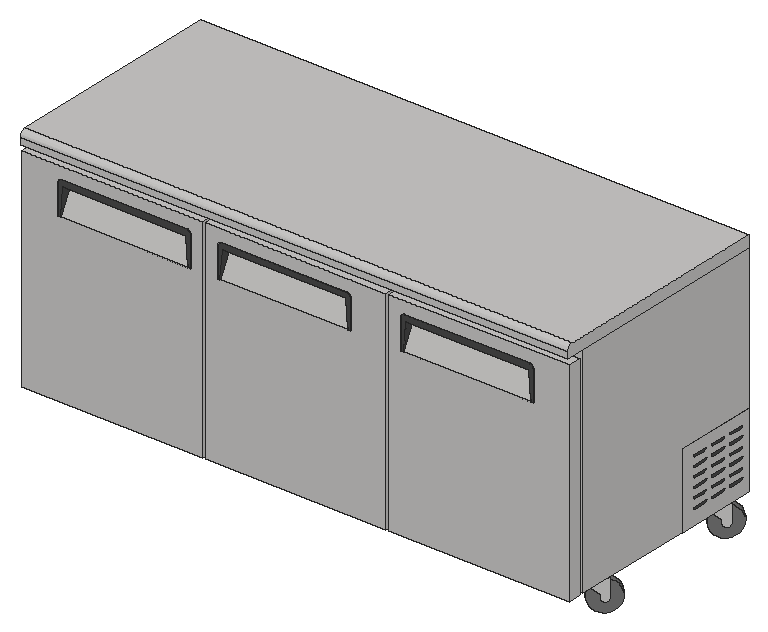
Revit family "QF_Turbo Air_MUR-72", category Specialty Equipment, Revit 2012
Parameters
  Weight in Pounds = 352
  Watermarked By = "http://revitwatermark.com"
  Volts = 115 V
  URL Cutsheet = ""
  URL = "www.turboairinc.com"
  Status [instance] = ""
  Specification by User [instance] = ""
  Specification by Manufacturer [instance] = ""
  Serial Number [instance] = ""
  Revision Code [instance] = ""
  Phase = 1
  Number of Poles [instance] = 1
  NAFEM Spec ID Number [instance] = ""
  Model = "MUR-72"
  Masterspec [instance] = ""
  Manufacturer = "Turbo Air"  # constant formula
  Legs [instance] = [6 inch Legs]  # no
  Item Number [instance] = "-"
  Installed By [instance] = ""
  HP = "1/2"
  Furnished By [instance] = ""
  Foodservice Equipment Identifier = yes
  FL Amps = 9.9 A
  Electrical Remarks [instance] = ""
  Electric Connection Type [instance] = ""
  Elec Conn RI Height [instance] = 0' - 0"
  Elec Conn Connection Height = 1' - 0"
  Description = "Undercounter Refrigerator"
  Cycle = 60 Hz
  Conn Plug = "NEMA 5-15P"
  Casters [instance] = not(Legs)  # yes
  CasterLeg Height [instance] = if([4 inch Casters], 0' 5", if([5 inch Casters], 0' 5 3/4", if([2_5 inch Casters], 0' 3 3/8", 0' 6")))  # 0' - 5"
  CSI MasterFormat = "11 41 13"
  Assembly Code = "E1090320"
  Apparent Power = if(Phase = 3, Volts * FL Amps * 1.73, Volts * FL Amps)  # 1138.5 VA
  6 inch Legs [instance] = no
  5 inch Casters [instance] = no
  4 inch Casters [instance] = yes
  2_5 inch Casters [instance] = no
Reference planes (in)
  plane 1 "BACK": y = 0
  plane 2: z = 0
  plane 3 "LEFT": x = -20.78844
  plane 4 "Bottom": z = 5
  plane 5 "Back Stops": y = 1
  plane 6 "RIGHT": x = 51.83656
  plane 7 "FRONT": y = -30
  plane 8 "Door Clearance": y = -51.875
  plane 9 "Back of Door": y = -27.875
  plane 10 "Front of Box": y = -27.375
  plane 11 "Top of Door": z = 33.125
  plane 12 "TOP": z = 35.625
  plane 13 "Bottom of TOP": z = 34
  plane 14: x = 27.83656
  plane 15: x = 27.52406
  plane 16: x = 3.21156
  plane 17: x = 3.52406
Forms (in)
  Extrusion 1, solid, material "QF_Finishes_Stainless Steel"
    sketch origin (-20.78844, 0, 0) x (0, 1, 0) y (0, 0, 1)
      loop
        line (0, 5) -> (0, 34) -> (-27.375, 34) -> (-27.375, 5) -> (0, 5)
    from 0 to 72.625
  Extrusion 2, solid, material "QF_Finishes_Black"
    sketch origin (0, -27.375, 0) x (1, 0, 0) y (0, 0, 1)
      loop
        line (-19.78844, 32.125) -> (-19.78844, 6) -> (2.21156, 6) -> (2.21156, 32.125) -> (-19.78844, 32.125)
      loop
        line (28.83656, 32.125) -> (28.83656, 6) -> (50.83656, 6) -> (50.83656, 32.125) -> (28.83656, 32.125)
      loop
        line (4.52406, 32.125) -> (4.52406, 6) -> (26.52406, 6) -> (26.52406, 32.125) -> (4.52406, 32.125)
    from 0 to 0.5
  Extrusion 3, void
    sketch origin (51.83656, 0, 0) x (0, 1, 0) y (0, 0, 1)
      loop
        line (0, 5) -> (0, 15) -> (-11, 15) -> (-11, 5) -> (0, 5)
    from 0 to -1
  Extrusion 4, solid, material "QF_Finishes_Stainless Steel"
    sketch origin (51.83656, 0, 0) x (0, 1, 0) y (0, 0, 1)
      loop
        line (-10.875, 14.875) -> (-10.875, 5) -> (0, 5) -> (0, 14.875) -> (-10.875, 14.875)
      loop
        arc (-9.25, 13.5) -> (-9.10355, 13.14645) -> (-8.75, 13) r 0.5
        line (-8.75, 13) -> (-7.25, 13)
        arc (-7.25, 13) -> (-6.89645, 13.14645) -> (-6.75, 13.5) r 0.5
        line (-6.75, 13.5) -> (-9.25, 13.5)
      loop
        arc (-6.25, 13.5) -> (-6.10355, 13.14645) -> (-5.75, 13) r 0.5
        line (-5.75, 13) -> (-4.25, 13)
        arc (-4.25, 13) -> (-3.89645, 13.14645) -> (-3.75, 13.5) r 0.5
        line (-3.75, 13.5) -> (-6.25, 13.5)
      loop
        arc (-3.25, 13.5) -> (-3.10355, 13.14645) -> (-2.75, 13) r 0.5
        line (-2.75, 13) -> (-1.25, 13)
        arc (-1.25, 13) -> (-0.89645, 13.14645) -> (-0.75, 13.5) r 0.5
        line (-0.75, 13.5) -> (-3.25, 13.5)
      loop
        arc (-9.25, 12.25) -> (-9.10355, 11.89645) -> (-8.75, 11.75) r 0.5
        line (-8.75, 11.75) -> (-7.25, 11.75)
        arc (-7.25, 11.75) -> (-6.89645, 11.89645) -> (-6.75, 12.25) r 0.5
        line (-6.75, 12.25) -> (-9.25, 12.25)
      loop
        arc (-6.25, 12.25) -> (-6.10355, 11.89645) -> (-5.75, 11.75) r 0.5
        line (-5.75, 11.75) -> (-4.25, 11.75)
        arc (-4.25, 11.75) -> (-3.89645, 11.89645) -> (-3.75, 12.25) r 0.5
        line (-3.75, 12.25) -> (-6.25, 12.25)
      loop
        arc (-3.25, 12.25) -> (-3.10355, 11.89645) -> (-2.75, 11.75) r 0.5
        line (-2.75, 11.75) -> (-1.25, 11.75)
        arc (-1.25, 11.75) -> (-0.89645, 11.89645) -> (-0.75, 12.25) r 0.5
        line (-0.75, 12.25) -> (-3.25, 12.25)
      loop
        arc (-9.25, 11) -> (-9.10355, 10.64645) -> (-8.75, 10.5) r 0.5
        line (-8.75, 10.5) -> (-7.25, 10.5)
        arc (-7.25, 10.5) -> (-6.89645, 10.64645) -> (-6.75, 11) r 0.5
        line (-6.75, 11) -> (-9.25, 11)
      loop
        arc (-6.25, 11) -> (-6.10355, 10.64645) -> (-5.75, 10.5) r 0.5
        line (-5.75, 10.5) -> (-4.25, 10.5)
        arc (-4.25, 10.5) -> (-3.89645, 10.64645) -> (-3.75, 11) r 0.5
        line (-3.75, 11) -> (-6.25, 11)
      loop
        arc (-3.25, 11) -> (-3.10355, 10.64645) -> (-2.75, 10.5) r 0.5
        line (-2.75, 10.5) -> (-1.25, 10.5)
        arc (-1.25, 10.5) -> (-0.89645, 10.64645) -> (-0.75, 11) r 0.5
        line (-0.75, 11) -> (-3.25, 11)
      loop
        arc (-9.25, 9.75) -> (-9.10355, 9.39645) -> (-8.75, 9.25) r 0.5
        line (-8.75, 9.25) -> (-7.25, 9.25)
        arc (-7.25, 9.25) -> (-6.89645, 9.39645) -> (-6.75, 9.75) r 0.5
        line (-6.75, 9.75) -> (-9.25, 9.75)
      loop
        arc (-6.25, 9.75) -> (-6.10355, 9.39645) -> (-5.75, 9.25) r 0.5
        line (-5.75, 9.25) -> (-4.25, 9.25)
        arc (-4.25, 9.25) -> (-3.89645, 9.39645) -> (-3.75, 9.75) r 0.5
        line (-3.75, 9.75) -> (-6.25, 9.75)
      loop
        arc (-3.25, 9.75) -> (-3.10355, 9.39645) -> (-2.75, 9.25) r 0.5
        line (-2.75, 9.25) -> (-1.25, 9.25)
        arc (-1.25, 9.25) -> (-0.89645, 9.39645) -> (-0.75, 9.75) r 0.5
        line (-0.75, 9.75) -> (-3.25, 9.75)
      loop
        arc (-9.25, 8.5) -> (-9.10355, 8.14645) -> (-8.75, 8) r 0.5
        line (-8.75, 8) -> (-7.25, 8)
        arc (-7.25, 8) -> (-6.89645, 8.14645) -> (-6.75, 8.5) r 0.5
        line (-6.75, 8.5) -> (-9.25, 8.5)
      loop
        arc (-6.25, 8.5) -> (-6.10355, 8.14645) -> (-5.75, 8) r 0.5
        line (-5.75, 8) -> (-4.25, 8)
        arc (-4.25, 8) -> (-3.89645, 8.14645) -> (-3.75, 8.5) r 0.5
        line (-3.75, 8.5) -> (-6.25, 8.5)
      loop
        arc (-3.25, 8.5) -> (-3.10355, 8.14645) -> (-2.75, 8) r 0.5
        line (-2.75, 8) -> (-1.25, 8)
        arc (-1.25, 8) -> (-0.89645, 8.14645) -> (-0.75, 8.5) r 0.5
        line (-0.75, 8.5) -> (-3.25, 8.5)
      loop
        arc (-9.25, 7.25) -> (-9.10355, 6.89645) -> (-8.75, 6.75) r 0.5
        line (-8.75, 6.75) -> (-7.25, 6.75)
        arc (-7.25, 6.75) -> (-6.89645, 6.89645) -> (-6.75, 7.25) r 0.5
        line (-6.75, 7.25) -> (-9.25, 7.25)
      loop
        arc (-6.25, 7.25) -> (-6.10355, 6.89645) -> (-5.75, 6.75) r 0.5
        line (-5.75, 6.75) -> (-4.25, 6.75)
        arc (-4.25, 6.75) -> (-3.89645, 6.89645) -> (-3.75, 7.25) r 0.5
        line (-3.75, 7.25) -> (-6.25, 7.25)
      loop
        arc (-3.25, 7.25) -> (-3.10355, 6.89645) -> (-2.75, 6.75) r 0.5
        line (-2.75, 6.75) -> (-1.25, 6.75)
        arc (-1.25, 6.75) -> (-0.89645, 6.89645) -> (-0.75, 7.25) r 0.5
        line (-0.75, 7.25) -> (-3.25, 7.25)
    from 0 to -1
  Extrusion 5, solid, material "QF_Finishes_Black"
    sketch origin (51.83656, 0, 0) x (0, 1, 0) y (0, 0, 1)
      loop
        line (-9.875, 13.95221) -> (-9.875, 6.20221) -> (-0.375, 6.20221) -> (-0.375, 13.95221) -> (-9.875, 13.95221)
    from -0.125 to -1
  Extrusion 6, solid, material "QF_Finishes_Black"
    sketch origin (0, 0, 0) x (1, 0, 0) y (0, 0, 1)
      loop
        circle (-14.66344, 30.8125) r 0.5
      loop
        circle (45.71156, 30.8125) r 0.5
    from 0 to -1
  Extrusion 7, solid, material "QF_Finishes_Stainless Steel"
    sketch origin (0, 0, 0) x (1, 0, 0) y (0, 0, 1)
      loop
        circle (47.83656, 11.125) r 0.25
    from 0 to -0.0625
  Extrusion 8, solid, material "QF_Finishes_Polished Steel"
    sketch origin (-20.78844, 0, 0) x (0, 1, 0) y (0, 0, 1)
      loop
        line (0, 35.625) -> (-29.1875, 35.625)
        arc (-29.1875, 35.625) -> (-29.76202, 35.38702) -> (-30, 34.8125) r 0.8125
        line (-30, 34.8125) -> (-30, 34) -> (0, 34) -> (0, 35.625)
    from 0 to 72.625
Cuts and joins
  Extrusion 3 cuts Extrusion 1
Lines and regions (in)
  symbolic lines
    curve 1: line (-20.78844, 0, 35.875) -> (51.83656, 0, 35.875)
    curve 2: line (-20.78844, -30, 35.875) -> (-20.78844, 0, 35.875)
    curve 3: line (51.83656, -30, 35.875) -> (-20.78844, -30, 35.875)
    curve 4: line (51.83656, 0, 35.875) -> (51.83656, -30, 35.875)
    curve 5: line (45.21156, 1, 35.875) -> (46.21156, 1, 35.875)
    curve 6: line (-15.16344, 1, 35.875) -> (-14.16344, 1, 35.875)
    curve 7: line (-15.16344, 1, 35.875) -> (-15.16344, 0, 35.875)
    curve 8: line (-14.16344, 1, 35.875) -> (-14.16344, 0, 35.875)
    curve 9: line (45.21156, 1, 35.875) -> (45.21156, 0, 35.875)
    curve 10: line (46.21156, 1, 35.875) -> (46.21156, 0, 35.875)
  symbolic lines, style "QF_Clearances", detail levels coarse
    curve 11: line (51.83656, -30, 35.875) -> (51.83656, -51.875, 35.875)
    curve 12: arc (51.83656, -51.875, 35.875) -> (35.63471, -45.58093, 35.875) -> (27.93082, -30, 35.875) r 24
    curve 13: line (-20.78844, -30, 35.875) -> (-20.78844, -51.875, 35.875)
    curve 14: arc (-20.78844, -51.875, 35.875) -> (-4.58659, -45.58093, 35.875) -> (3.1173, -30, 35.875) r 24
    curve 15: line (27.52406, -30, 35.875) -> (27.52406, -51.875, 35.875)
    curve 16: arc (27.52406, -51.875, 35.875) -> (11.32221, -45.58093, 35.875) -> (3.61832, -30, 35.875) r 24
Dimensions and locks (in)
  "CasterLeg Height": plane 4 "Bottom" to plane 2
  locked: plane 1 "BACK" to plane 5 "Back Stops" at 1
  locked: plane 6 "RIGHT" to plane 3 "LEFT" at 72.625
  locked: plane 7 "FRONT" to plane 1 "BACK" at 30
  locked: plane 9 "Back of Door" to plane 10 "Front of Box" at 0.5
  locked: plane 8 "Door Clearance" to plane 1 "BACK" at 51.875
  locked: plane 11 "Top of Door" to Extrusion 2 sketch curve at 1  (x3)
  locked: Extrusion 2 sketch curve to plane 3 "LEFT" at 1
  locked: Extrusion 2 sketch curve to plane 4 "Bottom" at 1  (x3)
  locked: Extrusion 3 sketch curve to plane 1 "BACK" at 11
  locked: Extrusion 3 sketch curve to plane 4 "Bottom" at 10
  locked: plane 4 "Bottom" to Extrusion 4 sketch curve at 9.875
  locked: Extrusion 4 sketch curve to plane 1 "BACK" at 10.875
  locked: Extrusion 5 sketch curve to Extrusion 5 sketch curve at 7.75
  locked: Extrusion 5 sketch curve to plane 4 "Bottom" at 1.20221
  locked: Extrusion 5 sketch curve to Extrusion 5 sketch curve at 9.5
  locked: Extrusion 5 sketch curve to plane 1 "BACK" at 0.375
  locked: nested 1 to plane 1 "BACK" at 2.5625
  locked: plane 3 "LEFT" to nested 1 at 2.5
  locked: plane 3 "LEFT" to nested 2 at 2.5
  locked: plane 10 "Front of Box" to nested 2 at 4.625
  locked: nested 3 to plane 6 "RIGHT" at 2.5
  locked: nested 4 to plane 6 "RIGHT" at 2.5
  locked: plane 10 "Front of Box" to nested 4 at 4.625
  locked: nested 3 to plane 1 "BACK" at 2.5625
  locked: plane 6 "RIGHT" to Extrusion 6 sketch curve at 6.125
  locked: Extrusion 6 sketch curve to plane 3 "LEFT" at 6.125
  locked: Extrusion 7 sketch curve to plane 4 "Bottom" at 6.125
  locked: plane 6 "RIGHT" to Extrusion 7 sketch curve at 4
  locked: plane 12 "TOP" to plane 4 "Bottom" at 30.625
  locked: plane 12 "TOP" to plane 13 "Bottom of TOP" at 1.625
  locked: plane 13 "Bottom of TOP" to plane 11 "Top of Door" at 0.875
  plane 9 "Back of Door" to plane 1 "BACK" = 2' - 3 7/8"
  locked: Extrusion 2 sketch curve to plane 6 "RIGHT" at 1
  locked: plane 3 "LEFT" to plane 16 at 24
  locked: plane 14 to plane 6 "RIGHT" at 24
  locked: plane 15 to plane 14 at 0.3125
  locked: plane 16 to plane 17 at 0.3125
  locked: Extrusion 2 sketch curve to plane 14 at 1
  locked: plane 16 to Extrusion 2 sketch curve at 1
  locked: Extrusion 2 sketch curve to plane 15 at 1
  locked: Extrusion 2 sketch curve to plane 17 at 1
  aligned and locked: level to plane 2
  aligned and locked: Extrusion 1 sketch curve to plane 1 "BACK"
  aligned and locked: Extrusion 1 sketch curve to plane 4 "Bottom"
  aligned and locked: plane 10 "Front of Box" to Extrusion 1 sketch curve
  aligned and locked: plane 6 "RIGHT" to Extrusion 1
  aligned and locked: plane 9 "Back of Door" to Extrusion 2
  aligned and locked: Extrusion 3 sketch curve to plane 1 "BACK"
  aligned and locked: Extrusion 3 sketch curve to plane 4 "Bottom"
  aligned and locked: Extrusion 6 to plane 5 "Back Stops"
  aligned and locked: plane 1 "BACK" to curve 1
  aligned and locked: curve 4 to plane 6 "RIGHT"
  aligned and locked: plane 3 "LEFT" to curve 2
  aligned and locked: curve 3 to plane 7 "FRONT"
  aligned and locked: curve 5 to Extrusion 6
  aligned and locked: curve 6 to Extrusion 6
  aligned and locked: Extrusion 1 sketch curve to plane 13 "Bottom of TOP"
  aligned and locked: plane 1 "BACK" to Extrusion 8 sketch curve
  aligned and locked: plane 13 "Bottom of TOP" to Extrusion 8 sketch curve
  aligned and locked: Extrusion 8 sketch curve to plane 7 "FRONT"
  aligned and locked: Extrusion 8 sketch curve to plane 12 "TOP"
  aligned and locked: plane 6 "RIGHT" to Extrusion 8
  aligned and locked: nested 5 to plane 4 "Bottom"
  aligned and locked: plane 4 "Bottom" to nested 7
  aligned and locked: plane 4 "Bottom" to nested 6
Automatic sketch dimensions
  Extrusion 4 sketch curve to plane 1 "BACK" = 0' - 0"
  Extrusion 4 sketch curve to plane 4 "Bottom" = 0' - 0"
  Extrusion 4 sketch curve to Extrusion 4 sketch curve = 0' - 1 5/8"
  Extrusion 4 sketch curve to Extrusion 4 sketch curve = 0' - 0"  (x16)
  Extrusion 4 sketch curve to Extrusion 4 sketch curve = 0' - 0 1/2"  (x31)
  Extrusion 4 sketch curve to Extrusion 4 sketch curve = 0' - 1 1/2"  (x4)
  plane 1 "BACK" to Extrusion 4 sketch curve = 0' - 1 1/4"  (x3)
  plane 4 "Bottom" to Extrusion 4 sketch curve = 0' - 1 3/4"  (x2)
  Extrusion 4 sketch curve to Extrusion 4 sketch curve = 0' - 0 3/4"  (x15)
  Extrusion 6 sketch curve to plane 11 "Top of Door" = 0' - 2 5/16"  (x2)
  Extrusion 8 sketch curve to plane 7 "FRONT" = 0' - 0 13/16"
  plane 8 "Door Clearance" to curve 14 = 0' - 0"
  plane 8 "Door Clearance" to curve 11 = 0' - 0"
  plane 8 "Door Clearance" to curve 16 = 0' - 0"
  plane 9 "Back of Door" to curve 14 = 0' - 0"
  plane 9 "Back of Door" to curve 12 = 0' - 0"
  plane 9 "Back of Door" to curve 16 = 0' - 0"
  curve 15 to plane 15 = 0' - 0"
  curve 10 to plane 6 "RIGHT" = 0' - 5 5/8"
  curve 5 to curve 5 = 0' - 1"
  plane 3 "LEFT" to curve 8 = 0' - 6 5/8"
  curve 6 to curve 7 = 0' - 1"
  radius of Extrusion 6 sketch curve = 0' - 0 1/2"  (x2)
  radius of Extrusion 7 sketch curve = 0' - 0 1/4"
Nested families (in)
  nested 1: "FESCasterLeg" at (-18.28844, -2.5625, 0), Legs <- "Legs", Casters <- "Casters", Height <- "CasterLeg Height", type "FESCasterLeg"
    with Legs no, Height 0' - 5", Casters yes, Caster Radius 0' - 2"
  nested 2: "FESCasterLeg" at (-18.28844, -22.75, 0), Legs <- "Legs", Casters <- "Casters", Height <- "CasterLeg Height", type "FESCasterLeg"
    with Legs no, Height 0' - 5", Casters yes, Caster Radius 0' - 2"
  nested 3: "FESCasterLeg" at (49.33656, -2.5625, 0), Legs <- "Legs", Casters <- "Casters", Height <- "CasterLeg Height", type "FESCasterLeg"
    with Legs no, Height 0' - 5", Casters yes, Caster Radius 0' - 2"
  nested 4: "FESCasterLeg" at (49.33656, -22.75, 0), Legs <- "Legs", Casters <- "Casters", Height <- "CasterLeg Height", type "FESCasterLeg"
    with Legs no, Height 0' - 5", Casters yes, Caster Radius 0' - 2"
  nested 5: "QF_Turbo Air_TBL_Door-1" at (-5.61177, -27.875, 5), type "QF_Turbo Air_TBL_Door-1"
    with Width 2' - 0", Symbolic Lines yes, Height 2' - 4 1/8", Handle Width 1' - 5 5/8", Depth 0' - 1 13/16"
  nested 6: "QF_Turbo Air_TBL_Door-1" at (36.65989, -27.875, 5) x (-1, 0, 0) z (0, 0, 1), type "QF_Turbo Air_TBL_Door-1"
    with Width 2' - 0", Symbolic Lines yes, Height 2' - 4 1/8", Handle Width 1' - 5 5/8", Depth 0' - 1 13/16"
  nested 7: "QF_Turbo Air_TBL_Door-1" at (12.34739, -27.875, 5) x (-1, 0, 0) z (0, 0, 1), type "QF_Turbo Air_TBL_Door-1"
    with Width 2' - 0", Symbolic Lines yes, Height 2' - 4 1/8", Handle Width 1' - 5 5/8", Depth 0' - 1 13/16"
Connectors (in)
  electrical at (47.83656, 0.0625, 11.125), driven by "Number of Poles", driven by "Volts", driven by "Apparent Power"
    settings: on Extrusion 7, index 1, voltage 115 V, apparent load 1138.5 VA, apparent load phase1 0 VA, apparent load phase2 0 VA, apparent load phase3 0 VA, power factor 1, load classification "Other", number of poles 1, system type 30, power factor state 1, is connector primary yes, connector utility no, sub classification motor no, connector description ""
Definition of nested family "FESCasterLeg"
  Parameters (values of type "FESCasterLeg")
    Watermarked By = "http://revitwatermark.com"
    Type Comments = "⍁⍉⌁⌀⏭⎽⌇⍠⌜⍉⎖⌥⌦⌯⍭⏊⍻⍿⍊⏵⍊⏗⏠⍴⎡⌈⎀⍠⌓⌤⏘⎐⍀⌐⏬⏁⎈⏍⏦⎒⏬⌝⍩⍇⌣〈⎫〉⎁⏊⍥⍖⍥⍝⍦⌖⍀⏌⏭⎝⎼⏷⏞⍻⏯⎽⏷⏞⍻⏯⎽⏷⎺⌻⎝⍎⌧⏷⏟⏿⌿⍜⍦⍤⌁⍬⏶⏎⍊⏚⏉⎞⌡⎀⎪⏈⌟⌿⍾⍼⌟⌿⌢⌞⏜⏝⎽⍷⍷⍯⍧⍷⌯⍽⏸⏨⏾⏎⌣⏺⍹⏼⏅⎏⌽⎫⎪⍙⎓⏗⎗⏅⌴⍏⍏⍿⏑⎺⍘⌭⏲⍥⎛⎾⎾⍞⍌⎪⎲⌙⎥⏏⎟⎟⏼⏘⎏⎝⏧⏍⏁⍏⍧⏯⏾⌟"
    Legs [instance] = yes
    Height [instance] = 0' - 6"
    Caster Radius [instance] = if(Height < 0' 3", 0' 1", (Height / 2) - 0' 0 1/2")  # 0' - 2 1/2"
    Casters [instance] = yes
    Assembly Code = ""
  Reference planes (in)
    plane 1 "Center (Front/Back)": y = 0
    plane 2: z = 0
    plane 3 "Center (Left/Right)": x = 0
    plane 4: z = 6
    plane 5: z = 5.5
  Forms (in)
    Extrusion 1, solid, material "QF_Finishes_Stainless Steel", visible <- "Casters"
      sketch origin (-24.12131, -22.88887, 10.18833) x (0.707107, 0.707107, 0) y (0, 0, 1)
        loop
          line (34.98772, -7.68833) -> (34.98772, -4.93833) -> (34.48772, -4.93833) -> (34.39402, -4.68833) -> (32.39402, -4.68833) -> (32.39402, -5.43833) -> (33.98772, -7.34206) -> (33.98772, -7.68833)
          arc (33.98772, -7.68833) -> (34.48772, -8.18833) -> (34.98772, -7.68833) r 0.5
      from 0 to 1.75
    Extrusion 2, solid, material "QF_Finishes_Rubber Black", visible <- "Casters"
      sketch origin (-24.32327, -23.09083, 13.31461) x (0.707107, 0.707107, 0) y (0, 0, 1)
        loop
          circle (34.77334, -10.81461) r 2.5
      from 0.375 to 1.375
    Extrusion 3, solid, material "QF_Finishes_Stainless Steel", visible <- "Casters"
      sketch origin (-7.24148, -8.48391, 0) x (0.707107, 0.707107, 0) y (0, 0, 1)
        loop
          line (10.61603, 5.5) -> (11.61603, 5.5) -> (11.61603, 6) -> (10.61603, 6) -> (10.61603, 5.5)
      from 0 to -1.75
    Blend 4, solid, material "QF_Finishes_Stainless Steel", visible <- "Legs"
      base sketch origin (0, 0, 0) x (1, 0, 0) y (0, 1, 0)
        loop
          circle (0, 0) r 0.5
      top sketch origin (0, 0, 0) x (1, 0, 0) y (0, 1, 0)
        loop
          circle (0, 0) r 1
      from 0 to 6 <- "Height"
  Lines and regions (in)
    symbolic lines, style "QF_Hidden Details", visible <- "Casters", built-in parameter 1006206 <- "Casters"
      curve 1: line (-1.26158, -0.51911, 0) -> (1.39007, 2.13254, 0)
      curve 2: line (-0.53429, -1.24639, 0) -> (2.11736, 1.40526, 0)
    symbolic lines, style "QF_Hidden Details", built-in parameter 1006206 <- "Casters", visible <- "Casters"
      curve 3: line (-1.26158, -0.51911, 0) -> (1.39007, 2.13254, 0)
      curve 4: line (-0.53429, -1.24639, 0) -> (2.11736, 1.40526, 0)
  Dimensions and locks (in)
    locked: plane 4 to plane 5 at 0.5
    "Height": plane 4 to level
    "Caster Radius": Extrusion 2 sketch curve to level
    "Caster Radius": Extrusion 1 sketch curve to level
    "Caster Radius": radius of Extrusion 2 sketch curve
    aligned and locked: plane 2 to level
    aligned: Blend 4 to Extrusion 3
    aligned and locked: plane 4 to Blend 4
    aligned and locked: Extrusion 3 to plane 5
    aligned and locked: plane 4 to Extrusion 3
    aligned and locked: plane 5 to Extrusion 1
  Automatic sketch dimensions
    plane 1 "Center (Front/Back)" to curve 3 = 0' - 0.51911"
    curve 3 to plane 3 "Center (Left/Right)" = 0' - 1.26158"
    plane 1 "Center (Front/Back)" to curve 1 = 0' - 0.51911"
    curve 1 to curve 3 = 0' - 0"  (x3)
    curve 4 to plane 3 "Center (Left/Right)" = 0' - 0.53429"
    curve 2 to curve 4 = 0' - 0"  (x2)
    plane 3 "Center (Left/Right)" to curve 3 = 0' - 1.39007"
    curve 1 to curve 4 = 0' - 0.72729"
    curve 2 to curve 1 = 0' - 0.72729"
    curve 4 to curve 2 = 0' - 0"  (x2)
    curve 2 to plane 1 "Center (Front/Back)" = 0' - 1.40526"
    curve 2 to curve 3 = 0' - 0.72729"
    plane 5 to Extrusion 1 sketch curve = 0' - 0"
    Extrusion 1 sketch curve to Extrusion 1 sketch curve = 0' - 1.5937"
    Extrusion 1 sketch curve to Extrusion 1 sketch curve = 0' - 2"
    Extrusion 1 sketch curve to Extrusion 1 sketch curve = 0' - 0.0937"
    Extrusion 1 sketch curve to Extrusion 1 sketch curve = 0' - 0 1/2"
    Extrusion 1 sketch curve to Extrusion 1 sketch curve = 0' - 0.34627"
    Extrusion 1 sketch curve to plane 5 = 0' - 0 3/4"
    Extrusion 1 sketch curve to plane 5 = 0' - 0 1/4"
    Extrusion 3 sketch curve to plane 5 = 0' - 0"
    plane 4 to Extrusion 3 sketch curve = 0' - 0"
    Extrusion 3 sketch curve to Extrusion 3 sketch curve = 0' - 1"
    plane 1 "Center (Front/Back)" to Blend 4 sketch curve = 0' - 0"  (x2)
    Blend 4 sketch curve to plane 3 "Center (Left/Right)" = 0' - 0"  (x2)
    radius of Blend 4 sketch curve = 0' - 0 1/2"
    radius of Blend 4 sketch curve = 0' - 1"
Definition of nested family "QF_Turbo Air_TBL_Door-1"
  Parameters (values of type "QF_Turbo Air_TBL_Door-1")
    Width [instance] = 2' - 5 5/16"
    Watermarked By = "http://revitwatermark.com"
    Symbolic Lines [instance] = yes
    Manufacturer = "Turbo Air"  # constant formula
    Height [instance] = 2' - 3 7/16"
    Handle Width [instance] = 1' - 5 5/8"
    Depth [instance] = 0' - 1 13/16"
  Reference planes (in)
    plane 1 "BACK": y = 0
    plane 2: z = 0
    plane 3 "LEFT": x = -15.17667
    plane 4: x = 14.13583
    plane 5 "FRONT": y = -1.8125
    plane 6: z = 27.4375
    plane 7 "Right of Handle": x = 12.51083
    plane 8 "Left of Handle": x = -5.11417
  Forms (in)
    Extrusion 1, solid, material "QF_Finishes_Black"
      sketch origin (-31.11417, 0, 15.01083) x (0, 0, -1) y (1, 0, 0)
        loop
          arc (-10.23917, 43.625) -> (-10.63691, 43.46025) -> (-10.80167, 43.0625) r 0.5625
          line (-10.80167, 43.0625) -> (-10.80167, 26.5625)
          arc (-10.80167, 26.5625) -> (-10.63691, 26.16475) -> (-10.23917, 26) r 0.5625
          line (-10.23917, 26) -> (-6.30167, 26) -> (-6.30167, 26.34375) -> (-9.98917, 26.66636) -> (-9.98917, 42.95864) -> (-6.30167, 43.28125) -> (-6.30167, 43.625) -> (-10.23917, 43.625)
      from 0 to 1.8125
    Extrusion 2, solid, material "QF_Finishes_Stainless Steel"
      sketch origin (-5.14542, 0, 15.01083) x (0, 1, 0) y (0, 0, 1)
        loop
          line (-1.8125, 6.30167) -> (0, 6.30167) -> (0, 9.98917) -> (-0.47036, 9.98917) -> (-1.8125, 6.30167)
      from 0.375 to 17.3125
    Extrusion 3, solid, material "QF_Finishes_Stainless Steel"
      sketch origin (0, 0, 0) x (1, 0, 0) y (0, 0, 1)
        loop
          line (-15.17667, 27.4375) -> (-15.17667, 0) -> (14.13583, 0) -> (14.13583, 27.4375) -> (-15.17667, 27.4375)
        loop
          arc (-4.55167, 25.8125) -> (-4.94941, 25.64775) -> (-5.11417, 25.25) r 0.5625
          line (-5.11417, 25.25) -> (-5.11417, 21.3125) -> (12.51083, 21.3125) -> (12.51083, 25.25)
          arc (12.51083, 25.25) -> (12.34608, 25.64775) -> (11.94833, 25.8125) r 0.5625
          line (11.94833, 25.8125) -> (-4.55167, 25.8125)
      from 0 to 1.8125
  Lines and regions (in)
    symbolic lines, visible <- "Symbolic Lines"
      curve 1: line (-15.17667, 0, 25.96875) -> (14.13583, 0, 25.96875)
      curve 2: line (-15.17667, -1.8125, 25.96875) -> (-15.17667, 0, 25.96875)
      curve 3: line (14.13583, -1.8125, 25.96875) -> (-15.17667, -1.8125, 25.96875)
      curve 4: line (14.13583, 0, 25.96875) -> (14.13583, -1.8125, 25.96875)
  Dimensions and locks (in)
    "Width": plane 4 to plane 3 "LEFT"
    "Depth": plane 5 "FRONT" to plane 1 "BACK"
    "Height": plane 6 to plane 2
    locked: Extrusion 3 sketch curve to Extrusion 3 sketch curve at 4.5
    locked: plane 6 to Extrusion 3 sketch curve at 1.625
    locked: plane 6 to Extrusion 1 sketch curve at 1.625
    locked: Extrusion 1 sketch curve to Extrusion 1 sketch curve at 0.8125
    locked: Extrusion 1 sketch curve to Extrusion 1 sketch curve at 4.5  (x2)
    locked: plane 6 to Extrusion 2 sketch curve at 2.4375
    locked: Extrusion 2 sketch curve to Extrusion 2 sketch curve at 3.6875
    locked: Extrusion 2 sketch curve to plane 5 "FRONT" at 1.34214
    locked: plane 7 "Right of Handle" to plane 4 at 1.625
    "Handle Width": plane 8 "Left of Handle" to plane 7 "Right of Handle"
    locked: Extrusion 1 sketch curve to plane 8 "Left of Handle" at 0.34375
    locked: Extrusion 1 sketch curve to plane 8 "Left of Handle" at 0.66636
    locked: Extrusion 1 sketch curve to plane 8 "Left of Handle" at 0.5625
    locked: plane 7 "Right of Handle" to Extrusion 1 sketch curve at 0.34375
    locked: plane 7 "Right of Handle" to Extrusion 1 sketch curve at 0.66636
    locked: plane 7 "Right of Handle" to Extrusion 1 sketch curve at 0.5625
    locked: plane 8 "Left of Handle" to Extrusion 2 at 0.34375
    locked: plane 7 "Right of Handle" to Extrusion 2 at 0.34375
    aligned and locked: level to plane 2
    aligned and locked: Extrusion 3 sketch curve to plane 6
    aligned and locked: plane 3 "LEFT" to Extrusion 3 sketch curve
    aligned and locked: level to Extrusion 3 sketch curve
    aligned and locked: Extrusion 3 sketch curve to plane 4
    aligned and locked: plane 5 "FRONT" to Extrusion 3
    aligned and locked: Extrusion 2 sketch curve to plane 1 "BACK"
    aligned and locked: plane 1 "BACK" to curve 1
    aligned and locked: plane 3 "LEFT" to curve 2
    aligned and locked: curve 3 to plane 5 "FRONT"
    aligned and locked: curve 4 to plane 4
    aligned and locked: Extrusion 3 sketch curve to plane 7 "Right of Handle"
    aligned and locked: Extrusion 3 sketch curve to plane 8 "Left of Handle"
    aligned and locked: Extrusion 1 sketch curve to plane 7 "Right of Handle"
    aligned and locked: plane 8 "Left of Handle" to Extrusion 1 sketch curve
  Automatic sketch dimensions
    Extrusion 3 sketch curve to Extrusion 3 sketch curve = 0' - 0 9/16"  (x2)
    Extrusion 2 sketch curve to plane 5 "FRONT" = 0' - 0"
